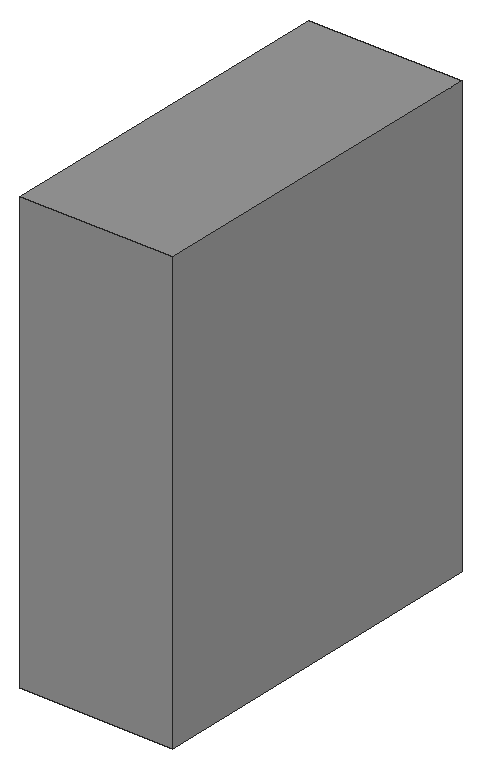
Revit family "56210 PRESTO SO'O", category Appareils sanitaires, Revit 2020
Family settings
  Cote de connecteur circulaire = Utiliser le diamètre
  Type d'élément = Normal
  Basée sur le plan de construction = Non
  Toujours verticalement = Oui
  Couper avec des vides une fois chargée = Non
  Partagée = Non
  Point de calcul de pièce = Non
Parameters
  Variantes = "56214"
  UNSPSC Code = "301815"
  Temps d'ecoulement = ""
  Region South America = "All"
  Region Oceania = "All"
  Region North America = "All"
  Region Middle East = "All"
  Region Europe = "All"
  Region Asia = "All"
  Region Antarctica = "All"
  Region Africa = "All"
  Profondeur = 58 mm
  Product SKU = "56210"
  Poids Net (Kg) = "0"
  Pays fabricant = "France"
  Pays designer = "France"
  Nom du fabricant = "Presto"
  Materiau secondaire = Chrome
  Materiau principal = Laiton
  Longueur = 155 mm
  LC = 15 mm
  URL = "http://www.prestodatashare.com/centretelechargement/index.php?lang=FR&refs=56210"
  Lien notice d'utilisation = "http://www.prestodatashare.com/centretelechargement/support.php?lang=FR&ref=56214"
  Lien fiche produit = "http://www.prestodatashare.com/espacedoc/Fiches_Techniques/FR/56214.pdf"
  Reference = "56214"
  Pression = "1 à 5 bars"
  Perte de charge = 0.0 Pa
  Modèle = "56210 PRESTO SO'O"
  Lien CCTP = "http://www.prestodatashare.com/centretelechargement/index.php?lang=FR&refs=56214"
  PC = 30 mm
  Hauteur = 150 mm
  Groupe produit = "Electronique"
  Fonction = "Aérateur anti-tartre haute qualité\nDispositif anti-coup de bélier\nAlimentation électrique : Avec transformateur 230 Vac / 7 Vdc dans boîtier étanche IP65\nRésistance thermique : Ce robinet résiste à une température de 75°C durant 30 minutes dans le cadre de chocs thermiques\nSécurité :\n- Anti-brûlure : limitation de la température maximale par butée réglable\n- Fermeture automatique de l'électrovanne en cas d'écoulement > à 30s, de coupure secteur ou de dégradation du détecteur\n\nLivré avec :\n- 2 Ecrous de fixation\n- 1 Joint et 1 rondelle\n- 2 Flexibles PEX avec écrou femelle 3/8'' (12x17) et Clapets anti-retour NF\n- 2 Joints filtre"
  Finition = "Composants en métal injecté avec traitement nickel-chrome\nCorps en métal moulé injecté"
  Famille produit = "Lavabo"
  Fabricant = "LES ROBINETS PRESTO S.A."
  Elévation par défaut = 0 mm
  Diamètre Nominal = 12 mm
  Description = "Robinet mitigeur électronique pour lavabo avec alimentation 230V"
  Raccordement = "G 3/8'' (12x17)"
  Debit = "3 l/min"
  Arrivée d'eau = "G 3/8\""
  Adresse = "7, RUE RACINE - 92542 MONTROUGE CEDEX FRANCE"
Reference planes
  plane 1 "Centre (avant/arrière)": y = 0
  plane 2: z = 0
  plane 3 "Centre (gauche/droite)": x = 0
  plane 4: y = -132
  plane 5: x = 56
  plane 6: z = 161
  plane 7: x = 28
  plane 8: z = 1
  plane 9: y = -30
  plane 10: x = 15
  plane 11: x = 41
Forms (mm)
  Extrusion 1, solid, material "Laiton poli chromé", detail levels fine
    sketch origin (0, 0, 0) x (1, 0, 0) y (0, 1, 0)
      loop
        line (0, 0) -> (0, -132) -> (56, -132) -> (56, 0) -> (0, 0)
    from 0 to 161
  Extrusion 2, solid, material "Laiton poli chromé", detail levels fine
    sketch origin (0, 0, 0) x (1, 0, 0) y (0, 1, 0)
      loop
        circle (15, -30) r 5
    from 0 to 1
  Extrusion 3, solid, material "Laiton poli chromé", detail levels fine
    sketch origin (0, 0, 0) x (1, 0, 0) y (0, 1, 0)
      loop
        circle (41, -30) r 5
    from 0 to 1
Cuts and joins
  joined: Extrusion 1, Extrusion 2, Extrusion 3
Dimensions and locks
  plane 1 "Centre (avant/arrière)" to plane 4 = 132 mm
  plane 3 "Centre (gauche/droite)" to plane 5 = 56 mm
  plane 6 to level = 161 mm
  equal spacing: plane 3 "Centre (gauche/droite)", plane 7, plane 5
  locked: plane 8 to plane 2 at 1
  "PC": plane 1 "Centre (avant/arrière)" to plane 9
  "LC": plane 3 "Centre (gauche/droite)" to plane 10
  "LC": plane 11 to plane 5
  aligned and locked: level to plane 2
  aligned and locked: plane 1 "Centre (avant/arrière)" to Extrusion 1 sketch curve
  aligned and locked: plane 3 "Centre (gauche/droite)" to Extrusion 1 sketch curve
  aligned and locked: plane 4 to Extrusion 1 sketch curve
  aligned and locked: plane 5 to Extrusion 1 sketch curve
  aligned and locked: plane 6 to Extrusion 1
  aligned and locked: plane 8 to Extrusion 2
  aligned and locked: plane 8 to Extrusion 3
  aligned and locked: plane 9 to nested 1
  aligned and locked: plane 7 to nested 1
  aligned and locked: plane 6 to nested 2
  aligned and locked: plane 7 to nested 2
  aligned and locked: nested 2 to plane 4
Automatic sketch dimensions
  Extrusion 2 sketch curve to plane 9 = 0 mm
  Extrusion 2 sketch curve to plane 10 = 0 mm
  Extrusion 3 sketch curve to plane 9 = 0 mm
  Extrusion 3 sketch curve to plane 11 = 0 mm
  radius of Extrusion 2 sketch curve = 5 mm
  radius of Extrusion 3 sketch curve = 5 mm
Nested families
  nested 1: "SymboliqueA6" at (0, -30, 0) x (0, 1, 0) z (0, 0, 1), type "SymboliqueA6", detail levels coarse+medium
  nested 2: "S2DA6" at (56, -66, 0) x (0, 1, 0) z (0, 0, 1), type "S2DA6", detail levels coarse+medium
Connectors
  piping at (15, -30, 0), diameter 12, driven by "Diamètre Nominal", driven by "Perte de charge"
    settings: on Extrusion 2, index 3, connector inside diameter 609.6 mm, connector length 0 mm, flow factor 0, pipe flow 0.05 L/s, pressure drop 0.0 Pa, fitting loss kfactor 0, connector angle 0.00°, fixture units 0, engagement length 0 mm, angle of deflection 0.00°, flow configuration 0, flow direction 1, fitting loss method 4, system type 19, joint type 0, gender type 0, connector reference index -1, connector utility 0, adjustable connector no, is connector primary yes, connector description ""
  piping at (41, -30, 0), diameter 12, driven by "Perte de charge", driven by "Diamètre Nominal"
    settings: on Extrusion 3, index 4, connector inside diameter 609.6 mm, connector length 0 mm, flow factor 0, pipe flow 0.05 L/s, pressure drop 0.0 Pa, fitting loss kfactor 0, connector angle 0.00°, fixture units 0, engagement length 0 mm, angle of deflection 0.00°, flow configuration 0, flow direction 1, fitting loss method 4, system type 20, joint type 0, gender type 0, connector reference index -1, connector utility 0, adjustable connector no, is connector primary no, connector description ""
Definition of nested family "SymboliqueA6"
  Parameters (values of type "SymboliqueA6")
    V = yes
    P = 1000 mm
    L = 1000 mm
    H = 1000 mm
    Default Elevation = 0 mm
  Reference planes
    plane 1 "Centre (avant/arrière)": y = 0
    plane 2: z = 0
    plane 3 "Centre (gauche/droite)": x = 0
    plane 4: y = -1000
    plane 5: x = -500
    plane 6: x = 500
    plane 7: z = 1000
    plane 8: z = 500
    plane 9: y = -500
  Lines and regions (mm)
    model lines
      curve 1: line (0, -1000, 1000) -> (0, 0, 0)
      curve 2: line (0, 0, 0) -> (0, -1000, 0)
      curve 3: line (0, -1000, 0) -> (0, 0, 1000)
      curve 4: line (0, 0, 1000) -> (0, -1000, 1000)
  Dimensions and locks
    "H": plane 7 to plane 2
    equal spacing: plane 5, plane 3 "Centre (gauche/droite)", plane 6
    "L": plane 5 to plane 6
    equal spacing: plane 7, plane 8, level
    equal spacing: plane 4, plane 9, plane 1 "Centre (avant/arrière)"
    "P": plane 1 "Centre (avant/arrière)" to plane 4
    aligned and locked: level to plane 2
  Automatic sketch dimensions
    curve 3 to level = 0 mm
    curve 1 to plane 1 "Centre (avant/arrière)" = 0 mm
    curve 1 to plane 7 = 0 mm
    curve 3 to plane 4 = 0 mm
    curve 3 to plane 1 "Centre (avant/arrière)" = 0 mm
    curve 4 to plane 4 = 0 mm
Definition of nested family "S2DA6"
  Parameters (values of type "S2DA6")
    P = 788.322 mm
    L = 1600 mm
    H = 1250.021 mm
    Default Elevation = 0 mm
  Reference planes
    plane 1 "Centre (avant/arrière)": y = 0
    plane 2: z = 0
    plane 3 "Centre (gauche/droite)": x = 0
    plane 4: y = 788.322
    plane 5: x = -800
    plane 6: x = 800
    plane 7: y = 394.161
    plane 8: z = 1250.021
    plane 9: z = 625.01
  Lines and regions (mm)
    symbolic lines
      curve 1: line (-800, 788.322, 0) -> (800, 0, 0)
      curve 2: line (800, 0, 0) -> (800, 788.322, 0)
      curve 3: line (800, 788.322, 0) -> (-800, 0, 0)
      curve 4: line (-800, 0, 0) -> (-800, 788.322, 0)
      curve 5: line (800, 0, 1250.021) -> (-800, 0, 1250.021)
      curve 6: line (-800, 0, 1250.021) -> (800, 0, 0)
      curve 7: line (800, 0, 0) -> (-800, 0, 0)
      curve 8: line (800, 0, 1250.021) -> (-800, 0, 0)
      curve 9: line (0, 788.322, 0) -> (0, 0, 1250.021)
      curve 10: line (0, 0, 1250.021) -> (0, 788.322, 1250.021)
      curve 11: line (0, 788.322, 1250.021) -> (0, 0, 0)
      curve 12: line (0, 0, 0) -> (0, 788.322, 0)
  Dimensions and locks
    equal spacing: plane 5, plane 3 "Centre (gauche/droite)", plane 6
    equal spacing: plane 1 "Centre (avant/arrière)", plane 7, plane 4
    "P": plane 1 "Centre (avant/arrière)" to plane 4
    "L": plane 5 to plane 6
    equal spacing: plane 8, plane 9, level
    "H": plane 8 to plane 2
    aligned and locked: level to plane 2
  Automatic sketch dimensions
    plane 1 "Centre (avant/arrière)" to curve 3 = 0 mm
    curve 1 to plane 4 = 0 mm
    curve 3 to plane 4 = 0 mm
    plane 1 "Centre (avant/arrière)" to curve 2 = 0 mm
    curve 3 to plane 6 = 0 mm
    curve 4 to plane 5 = 0 mm
    curve 10 to plane 1 "Centre (avant/arrière)" = 0 mm
    curve 10 to plane 8 = 0 mm
    curve 11 to plane 4 = 0 mm
    curve 12 to level = 0 mm
    curve 12 to plane 1 "Centre (avant/arrière)" = 0 mm
    curve 12 to plane 4 = 0 mm
    plane 5 to curve 5 = 0 mm
    curve 8 to level = 0 mm
    plane 5 to curve 8 = 0 mm
    plane 6 to curve 7 = 0 mm
    plane 6 to curve 8 = 0 mm
    curve 6 to plane 8 = 0 mm
